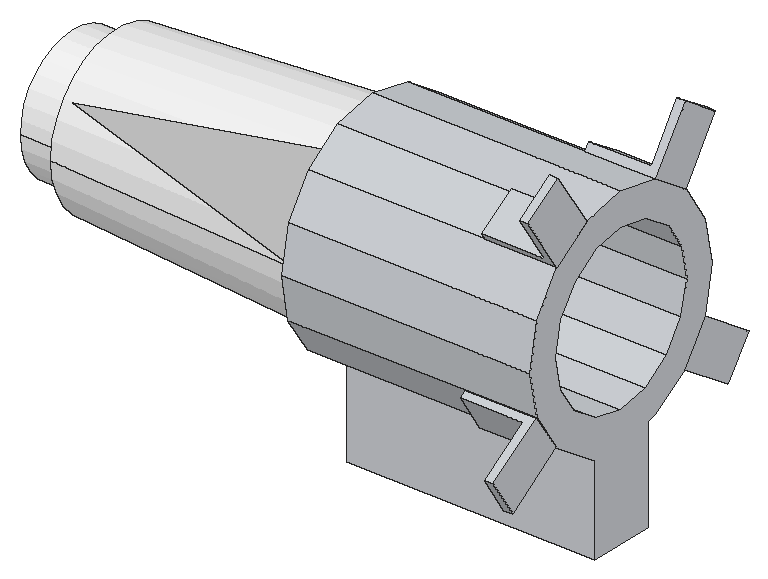
Revit family "GAS50C-Version1", category Pipe Accessories, Revit 2016
Family settings
  Part Type = Breaks Into
  Round Connector Dimension = Use Diameter
  Work Plane-Based = No
  Always vertical = No
  Cut with Voids When Loaded = No
  Shared = No
Parameters
  URL = "http://www.snapcollars.com"
  Model = "GAS 50C"
  Manufacturer = "Snap Fire Systems"
  Description = "The Snap Gas-50 is a metal, cast-in collar."
Reference planes
  plane 1 "Center (Front/Back)": y = 0
  plane 2: z = 0
  plane 3 "Center (Left/Right)": x = -139.129
  plane 4: x = -230
  plane 5: x = -188.636
  plane 6: x = -190
Forms (mm)
  Extrusion 1, solid, material "PVC-White", not visible, detail levels fine
    sketch origin (0, 0, 0) x (1, 0, 0) y (0, 0, 1)
      loop
        line (-80, 60.418) -> (-227.967, 86.048) -> (-227.967, 69.12) -> (-80, 60.418)
    from -1.5 to 1.5
  Extrusion 2, solid, material "PVC-White", not visible, detail levels fine
    sketch origin (0, 0, 0) x (1, 0, 0) y (0, -0.5, 0.866025)
      loop
        line (-80, 60.418) -> (-227.967, 86.048) -> (-227.967, 69.12) -> (-80, 60.418)
    from -1.5 to 1.5
  Extrusion 3, solid, material "PVC-White", not visible, detail levels fine
    sketch origin (0, 0, 0) x (1, 0, 0) y (0, -0.866025, 0.5)
      loop
        line (-80, 60.418) -> (-227.967, 86.048) -> (-227.967, 69.12) -> (-80, 60.418)
    from -1.5 to 1.5
  Extrusion 4, solid, material "PVC-White", not visible, detail levels fine
    sketch origin (0, 0, 0) x (0, -1, 0) y (-1, 0, 0)
      loop
        line (60.418, 80) -> (86.048, 227.967) -> (69.12, 227.967) -> (60.418, 80)
    from -1.5 to 1.5
  Extrusion 5, solid, material "PVC-White", not visible, detail levels fine
    sketch origin (0, 0, 0) x (1, 0, 0) y (0, -0.866025, -0.5)
      loop
        line (-80, 60.418) -> (-227.967, 86.048) -> (-227.967, 69.12) -> (-80, 60.418)
    from -1.5 to 1.5
  Extrusion 6, solid, material "PVC-White", not visible, detail levels fine
    sketch origin (0, 0, 0) x (1, 0, 0) y (0, -0.5, -0.866025)
      loop
        line (-80, 60.418) -> (-227.967, 86.048) -> (-227.967, 69.12) -> (-80, 60.418)
    from -1.5 to 1.5
  Extrusion 7, solid, material "PVC-White", not visible, detail levels fine
    sketch origin (0, 0, 0) x (1, 0, 0) y (0, 0, -1)
      loop
        line (-80, 60.418) -> (-227.967, 86.048) -> (-227.967, 69.12) -> (-80, 60.418)
    from -1.5 to 1.5
  Extrusion 8, solid, material "PVC-White", not visible, detail levels fine
    sketch origin (0, 0, 0) x (1, 0, 0) y (0, 0.5, -0.866025)
      loop
        line (-80, 60.418) -> (-227.967, 86.048) -> (-227.967, 69.12) -> (-80, 60.418)
    from -1.5 to 1.5
  Extrusion 9, solid, material "PVC-White", not visible, detail levels fine
    sketch origin (0, 0, 0) x (1, 0, 0) y (0, 0.866025, -0.5)
      loop
        line (-80, 60.418) -> (-227.967, 86.048) -> (-227.967, 69.12) -> (-80, 60.418)
    from -1.5 to 1.5
  Extrusion 10, solid, material "PVC-White", not visible, detail levels fine
    sketch origin (0, 0, 0) x (1, 0, 0) y (0, 1, 0)
      loop
        line (-80, 60.418) -> (-227.967, 86.048) -> (-227.967, 69.12) -> (-80, 60.418)
    from -1.5 to 1.5
  Extrusion 11, solid, material "PVC-White", not visible, detail levels fine
    sketch origin (0, 0, 0) x (1, 0, 0) y (0, 0.866025, 0.5)
      loop
        line (-80, 60.418) -> (-227.967, 86.048) -> (-227.967, 69.12) -> (-80, 60.418)
    from -1.5 to 1.5
  Extrusion 12, solid, material "PVC-White", not visible, detail levels fine
    sketch origin (0, 0, 0) x (1, 0, 0) y (0, 0.5, 0.866025)
      loop
        line (-80, 60.418) -> (-227.967, 86.048) -> (-227.967, 69.12) -> (-80, 60.418)
    from -1.5 to 1.5
  Extrusion 13, solid
    sketch origin (-230, 2000, 1200) x (0, 1, 0) y (0, 0, 1)
      loop
        line (-2041.962, -1199.762) -> (-2038.865, -1215.776) -> (-2029.875, -1229.386) -> (-2012, -1241.467) -> (-2012, -1274) -> (-1988, -1274) -> (-1988, -1239.392) -> (-1984.367, -1238.689) -> (-1970.757, -1229.7) -> (-1961.624, -1216.186) -> (-1958.357, -1200.206) -> (-1961.454, -1184.191) -> (-1970.444, -1170.582) -> (-1983.958, -1161.448) -> (-1999.938, -1158.181) -> (-2015.952, -1161.278) -> (-2029.562, -1170.268) -> (-2038.695, -1183.782) -> (-2041.962, -1199.762)
      loop
        line (-2030.237, -1199.824) -> (-2028.009, -1211.347) -> (-2021.54, -1221.139) -> (-2011.817, -1227.711) -> (-2000.319, -1230.061) -> (-1988.797, -1227.833) -> (-1979.004, -1221.365) -> (-1972.433, -1211.641) -> (-1970.082, -1200.143) -> (-1972.31, -1188.621) -> (-1978.779, -1178.829) -> (-1988.502, -1172.257) -> (-2000, -1169.906) -> (-2011.522, -1172.135) -> (-2021.315, -1178.603) -> (-2027.886, -1188.326) -> (-2030.237, -1199.824)
    from 0 to 91
  Extrusion 14, solid
    sketch origin (-230, 29.556, 29.418) x (0, -0.828512, 0.559971) y (1, 0, 0)
      loop
        line (16.311, 91) -> (0, 91) -> (0, 65) -> (16.311, 65) -> (16.311, 91)
    from 0 to 3
  Extrusion 15, solid
    sketch origin (-230, 31.236, 31.904) x (0, -0.828512, 0.559971) y (1, 0, 0)
      loop
        line (16.311, 91) -> (0, 91) -> (0, 88) -> (16.311, 88) -> (16.311, 91)
    from 0 to 21
  Extrusion 16, solid, not visible
    sketch origin (-230, 23.225, 34.758) x (0, -0.92388, 0.382683) y (1, 0, 0)
      loop
        line (16.311, 91) -> (0, 91) -> (0, 65) -> (16.311, 65) -> (16.311, 91)
    from 0 to 3
  Extrusion 17, solid, not visible
    sketch origin (-230, 24.373, 37.53) x (0, -0.92388, 0.382683) y (1, 0, 0)
      loop
        line (16.311, 91) -> (0, 91) -> (0, 88) -> (16.311, 88) -> (16.311, 91)
    from 0 to 21
  Extrusion 18, solid
    sketch origin (-230, -15.852, 38.571) x (0, -0.83464, -0.550797) y (1, 0, 0)
      loop
        line (16.311, 91) -> (0, 91) -> (0, 65) -> (16.311, 65) -> (16.311, 91)
    from 0 to 3
  Extrusion 19, solid
    sketch origin (-230, -17.504, 41.075) x (0, -0.83464, -0.550797) y (1, 0, 0)
      loop
        line (16.311, 91) -> (0, 91) -> (0, 88) -> (16.311, 88) -> (16.311, 91)
    from 0 to 21
  Extrusion 20, solid
    sketch origin (-230, 29.261, -29.712) x (0, 0.564361, 0.825528) y (1, 0, 0)
      loop
        line (16.311, 91) -> (0, 91) -> (0, 65) -> (16.311, 65) -> (16.311, 91)
    from 0 to 3
  Extrusion 21, solid
    sketch origin (-230, 31.738, -31.405) x (0, 0.564361, 0.825528) y (1, 0, 0)
      loop
        line (16.311, 91) -> (0, 91) -> (0, 88) -> (16.311, 88) -> (16.311, 91)
    from 0 to 21
  Extrusion 22, solid
    sketch origin (-230, -38.657, -15.64) x (0, 0.54621, -0.837649) y (1, 0, 0)
      loop
        line (16.311, 91) -> (0, 91) -> (0, 65) -> (16.311, 65) -> (16.311, 91)
    from 0 to 3
  Extrusion 23, solid
    sketch origin (-230, -41.17, -17.279) x (0, 0.54621, -0.837649) y (1, 0, 0)
      loop
        line (16.311, 91) -> (0, 91) -> (0, 88) -> (16.311, 88) -> (16.311, 91)
    from 0 to 21
  Extrusion 24, solid, not visible
    sketch origin (-230, 29.556, 29.418) x (0, -0.828512, 0.559971) y (1, 0, 0)
      loop
        line (16.311, 91) -> (0, 91) -> (0, 65) -> (16.311, 65) -> (16.311, 91)
    from 0 to 3
  Extrusion 25, solid, not visible
    sketch origin (-230, 31.236, 31.904) x (0, -0.828512, 0.559971) y (1, 0, 0)
      loop
        line (16.311, 91) -> (0, 91) -> (0, 88) -> (16.311, 88) -> (16.311, 91)
    from 0 to 21
  Extrusion 26, solid, not visible
    sketch origin (-230, -15.852, 38.571) x (0, -0.83464, -0.550797) y (1, 0, 0)
      loop
        line (16.311, 91) -> (0, 91) -> (0, 65) -> (16.311, 65) -> (16.311, 91)
    from 0 to 3
  Extrusion 27, solid, not visible
    sketch origin (-230, -17.504, 41.075) x (0, -0.83464, -0.550797) y (1, 0, 0)
      loop
        line (16.311, 91) -> (0, 91) -> (0, 88) -> (16.311, 88) -> (16.311, 91)
    from 0 to 21
  Extrusion 28, solid, not visible
    sketch origin (-230, 29.261, -29.712) x (0, 0.564361, 0.825528) y (1, 0, 0)
      loop
        line (16.311, 91) -> (0, 91) -> (0, 65) -> (16.311, 65) -> (16.311, 91)
    from 0 to 3
  Extrusion 29, solid, not visible
    sketch origin (-230, 31.738, -31.405) x (0, 0.564361, 0.825528) y (1, 0, 0)
      loop
        line (16.311, 91) -> (0, 91) -> (0, 88) -> (16.311, 88) -> (16.311, 91)
    from 0 to 21
  Extrusion 30, solid, not visible
    sketch origin (-230, -38.657, -15.64) x (0, 0.54621, -0.837649) y (1, 0, 0)
      loop
        line (16.311, 91) -> (0, 91) -> (0, 65) -> (16.311, 65) -> (16.311, 91)
    from 0 to 3
  Extrusion 31, solid, not visible
    sketch origin (-230, -41.17, -17.279) x (0, 0.54621, -0.837649) y (1, 0, 0)
      loop
        line (16.311, 91) -> (0, 91) -> (0, 88) -> (16.311, 88) -> (16.311, 91)
    from 0 to 21
  Revolve 32, solid, material "PVC-White"
    sketch origin (0, 0, 0) x (1, 0, 0) y (0, 1, 0)
      loop
        line (-340, 0.062) -> (-230, 0.062) -> (-230, 35.643) -> (-324, 30.062) -> (-324, 24.062) -> (-340, 24.062) -> (-340, 0.062)
      axis (-340, 0) -> (-230, 0)
    angle from 0 to 360
Cuts and joins
  joined: Extrusion 14, Extrusion 15
  joined: Extrusion 18, Extrusion 19
  joined: Extrusion 20, Extrusion 21
  joined: Extrusion 22, Extrusion 23
Dimensions and locks
  locked: plane 4 to plane 3 "Center (Left/Right)" at 90.871
  Extrusion 1 sketch curve to Extrusion 1 sketch curve = 0 mm
  Extrusion 2 sketch curve to Extrusion 2 sketch curve = 0 mm
  Extrusion 3 sketch curve to Extrusion 3 sketch curve = 0 mm
  Extrusion 4 sketch curve to Extrusion 4 sketch curve = 0 mm
  Extrusion 5 sketch curve to Extrusion 5 sketch curve = 0 mm
  Extrusion 6 sketch curve to Extrusion 6 sketch curve = 0 mm
  Extrusion 7 sketch curve to Extrusion 7 sketch curve = 0 mm
  Extrusion 8 sketch curve to Extrusion 8 sketch curve = 0 mm
  Extrusion 9 sketch curve to Extrusion 9 sketch curve = 0 mm
  Extrusion 10 sketch curve to Extrusion 10 sketch curve = 0 mm
  Extrusion 11 sketch curve to Extrusion 11 sketch curve = 0 mm
  Extrusion 12 sketch curve to Extrusion 12 sketch curve = 0 mm
  aligned and locked: level to plane 2
Connectors
  piping at (-190, 0, 0), diameter 50
    settings: on plane 6, index 4, connector inside diameter 609.6 mm, connector length 0 mm, flow factor 0, pipe flow 0.0 L/s, pressure drop 0.0 Pa, fitting loss kfactor 0, connector angle 0.00°, fixture units 0, engagement length 0 mm, angle of deflection 0.00°, flow configuration 0, flow direction 0, fitting loss method 0, system type 7, joint type 0, gender type 0, connector reference index -1, connector utility 0, adjustable connector no, is connector primary yes, connector description ""
  piping at (-188.636, 0, 0), diameter 50
    settings: on plane 5, index 5, connector inside diameter 609.6 mm, connector length 0 mm, flow factor 0, pipe flow 0.0 L/s, pressure drop 0.0 Pa, fitting loss kfactor 0, connector angle 0.00°, fixture units 0, engagement length 0 mm, angle of deflection 0.00°, flow configuration 0, flow direction 0, fitting loss method 0, system type 7, joint type 0, gender type 0, connector reference index -1, connector utility 0, adjustable connector no, is connector primary no, connector description ""
